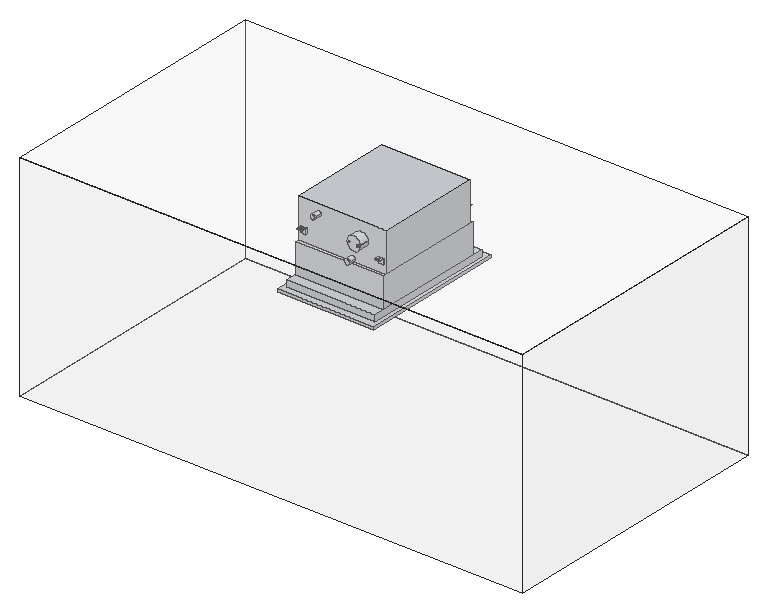
Revit family "plfy-p22_140lmg7_50Hz_pac-kw85_86_87tb", category 機械設備, Revit 2019
Family settings
  丸型コネクタ寸法 = 直径を使用
  パーツ タイプ = 標準
  OmniClass 番号 = 23.75.10.24.21.27.27
  OmniClass タイトル = Split System Air Conditioning Units
  作業面ベース = いいえ
  常に垂直 = はい
  ロード時にボイドで切り取り = いいえ
  共有 = いいえ
  部屋計算ポイント = はい
Parameters (values of type "PLFY-P22LMG7")
  風量（弱）（m3／min） = 6.5
  風量（中2）（m3／min） = 7.5
  風量（中1）（m3／min） = 8.5
  風量（m3／min） = 9.5
  風量 = MAX風量  # 570.0 m³/h
  音響パワーレベル（弱）(dB) = 49
  音響パワーレベル（中2）(dB) = 51
  音響パワーレベル（中1）(dB) = 52
  音響パワーレベル(dB) = 53
  電源種別 = ""
  電源_H = 0 mm
  電圧_電気ヒーター = 0 V
  電圧 = 200 V
  電動機出力_送風機 = 0.05 kW
  運転質量 = 0.00 kg
  連動 = ""
  質量 = if(製品質量 > 運転質量, 製品質量, 運転質量) * 1.2  # 24.00 kg
  負荷分類 = 3_ファン類
  説明 = "ビル用マルチエアコン 天井カセット形(2方向吹出)室内機"
  設計暖房能力 = 0.00 kW
  設計冷房能力_顕熱 = 0 kW
  設計冷房能力 = 0 kW
  設置方法 = "カセット形"
  記号 = ""
  製造元 = "三菱電機株式会社"
  製品質量 = 20.00 kg
  製品出荷対象 = "国内"
  製品リリース年月 = "2020/7/22"
  製品グループ = ""
  系統 = ""
  符号 = "ACP_CK2"
  積算_科目 = "1 空気調和設備"
  積算_拾い区分 [instance] = ""
  相_電気ヒーター = 1
  相 = 1
  盤記号 = ""
  発停方法 = "付属スイッチ"
  特殊仕様 = ""
  火災停止 = ""
  消費電力_電気ヒーター = 0.00 kW
  消費電力_暖房 = 0.03 kW
  消費電力_加湿器 = 0.00 kW
  消費電力_冷房 = 0.03 kW
  消費電力 = if(消費電力_冷房 > 消費電力_暖房, 消費電力_冷房, 消費電力_暖房) + 消費電力_加湿器 + 消費電力_電気ヒーター  # 0.03 kW
  法定耐用年数 = "15"
  機外静圧 = 0.0 Pa
  極数 = 3
  材質 = ""
  本体マテリアル = none
  有効加湿量 = 0
  暖房能力 = 2.50 kW
  推奨ブレーカー容量 = 15 A
  形式_加湿器 = ""
  形式 = "カセット形（2方向吹出形）"
  幹線記号 = ""
  始動方式 = ""
  呼称 = "室内機_カセット形(2方向吹出形)"
  周波数 = 50 Hz
  吊り位置Y = 824 mm
  吊り位置X = 574 mm
  吊りボルト_H = 365 mm
  台数_手元リモコン = ""
  台数_冷媒分岐ユニット = ""
  参照している仕様書等のバージョン = "公共建築工事標準仕様書（機械設備工事編）平成31年度版"
  加湿給水管径 = 0 mm
  分類コード = "50053003221020"
  分類グループ = ""
  冷房能力 = 2.2 kW
  冷媒高低圧ガス管径 = 0 mm
  冷媒管径符号 = "Ac"
  冷媒管径 = 100 mm
  冷媒液管高さ = 433 mm
  冷媒液管長さ = 67 mm
  冷媒液管径 = 6.35 mm
  冷媒ガス管高さ = 433 mm
  冷媒ガス管長さ = 78 mm
  冷媒ガス管径 = 12.7 mm
  企業コード = ""
  付属品_フィルター = ""
  付属品 = ""
  仕様書バージョン = "Version1.0"
  モデル = "PLFY-P22LMG7"
  パネルマテリアル = none
  ドレン管高さ = 495 mm
  ドレン管径 = 32 mm
  サービススペース = yes
  コメント [instance] = ""
  ケーブル種類 = ""
  ケーブルサイズ = 1.6 mm
  Width = 650 mm
  Version = ""
  Uniclass2015Version = "Systems v1.9"
  Uniclass2015Title = "Split coil remote air cooled condensing units"
  Uniclass2015Code = "Pr_70_65_03_84"
  URL = "https://www.mitsubishielectric.co.jp/ldg/wink/ssl/displayProduct.do?pid=307542"
  SpecificationReference = ""
  SpecificationDescription = ""
  S_H = 562 mm
  Revision = ""
  ProductInformation = ""
  OmniClassCode = "23-751024212727"
  MIN風量 = 風量（弱）（m3／min） * 60.0 m³/h  # 390.0 m³/h
  MID風量2 = 風量（中2）（m3／min） * 60.0 m³/h  # 450.0 m³/h
  MID風量 = 風量（中1）（m3／min） * 60.0 m³/h  # 510.0 m³/h
  MAX風量 = 風量（m3／min） * 60.0 m³/h  # 570.0 m³/h
  IfcTypeProduct = ""
  IfcProduct = ""
  IfcExportType = "AIRCONDITIONINGUNIT"
  IfcExportAs = "IfcUnitaryEquipmentType"
  Height = 290 mm
  Depth = 770 mm
  Clearance Top = 555 mm
  Clearance Right = 1500 mm
  Clearance Left = 1500 mm
  Clearance Front = 500 mm
  Clearance Bottom = 1000 mm
  Clearance Back = 500 mm
  Author = "三菱電機株式会社"
Types (11, lengths in mm): name | 風量（弱）（m3／min） | 風量（中2）（m3／min） | 風量（中1）（m3／min） | 風量（m3／min） | 風量 | 音響パワーレベル（弱）(dB) | 音響パワーレベル（中2）(dB) | 音響パワーレベル（中1）(dB) | 音響パワーレベル(dB) | 電動機出力_送風機 | 質量 | 製品質量 | 消費電力_暖房 | 消費電力_冷房 | 消費電力 | 暖房能力 | 吊り位置Y | 冷房能力 | 冷媒管径符号 | 冷媒液管長さ | 冷媒液管径 | 冷媒ガス管長さ | 冷媒ガス管径 | モデル | URL | S_H | MIN風量 | MID風量2 | MID風量 | MAX風量 | Height | Depth | Clearance Top
  (no name) | 6.5 | 7.5 | 8.5 | 9.5 | 570.0 m³/h | 49 | 51 | 52 | 53 | 0.05 kW | 24.00 kg | 20.00 kg | 0.03 kW | 0.03 kW | 0.03 kW | 2.50 kW | 824 | 2.2 kW | "Ac" | 67 | 6.35 | 78 | 12.7 | "PLFY-P22LMG7" | "https://www.mitsubishielectric.co.jp/ldg/wink/ssl/displayProduct.do?pid=307542" | 562 | 390.0 m³/h | 450.0 m³/h | 510.0 m³/h | 570.0 m³/h | 290 | 770 | 555
  PLFY-P22LMG7 | 6.5 | 7.5 | 8.5 | 9.5 | 570.0 m³/h | 49 | 51 | 52 | 53 | 0.05 kW | 24.00 kg | 20.00 kg | 0.03 kW | 0.03 kW | 0.03 kW | 2.50 kW | 824 | 2.2 kW | "Ac" | 67 | 6.35 | 78 | 12.7 | "PLFY-P22LMG7" | "https://www.mitsubishielectric.co.jp/ldg/wink/ssl/displayProduct.do?pid=307542" | 562 | 390.0 m³/h | 450.0 m³/h | 510.0 m³/h | 570.0 m³/h | 290 | 770 | 555
  PLFY-P28LMG7 | 6.5 | 7.5 | 8.5 | 9.5 | 570.0 m³/h | 49 | 51 | 52 | 53 | 0.05 kW | 24.00 kg | 20.00 kg | 0.03 kW | 0.03 kW | 0.03 kW | 3.20 kW | 824 | 2.8 kW | "Ac" | 67 | 6.35 | 78 | 12.7 | "PLFY-P28LMG7" | "https://www.mitsubishielectric.co.jp/ldg/wink/ssl/displayProduct.do?pid=307511" | 562 | 390.0 m³/h | 450.0 m³/h | 510.0 m³/h | 570.0 m³/h | 290 | 770 | 555
  PLFY-P36LMG7 | 6.5 | 8 | 9 | 10 | 600.0 m³/h | 50 | 51 | 52 | 53 | 0.05 kW | 25.20 kg | 21.00 kg | 0.03 kW | 0.03 kW | 0.03 kW | 4.00 kW | 824 | 3.6 kW | "Ac" | 67 | 6.35 | 78 | 12.7 | "PLFY-P36LMG7" | "https://www.mitsubishielectric.co.jp/ldg/wink/ssl/displayProduct.do?pid=307543" | 562 | 390.0 m³/h | 480.0 m³/h | 540.0 m³/h | 600.0 m³/h | 290 | 770 | 555
  PLFY-P45LMG7 | 7 | 8.5 | 9.5 | 10.5 | 630.0 m³/h | 51 | 54 | 55 | 56 | 0.05 kW | 25.20 kg | 21.00 kg | 0.04 kW | 0.04 kW | 0.04 kW | 5.00 kW | 824 | 4.5 kW | "Ac" | 67 | 6.4 | 78 | 12.7 | "PLFY-P45LMG7" | "https://www.mitsubishielectric.co.jp/ldg/wink/ssl/displayProduct.do?pid=307544" | 562 | 420.0 m³/h | 510.0 m³/h | 570.0 m³/h | 630.0 m³/h | 290 | 770 | 555
  PLFY-P56LMG7 | 9 | 11 | 12 | 13 | 780.0 m³/h | 53 | 55 | 56 | 57 | 0.05 kW | 28.80 kg | 24.00 kg | 0.05 kW | 0.05 kW | 0.05 kW | 6.30 kW | 994 | 5.6 kW | "Ac" | 67 | 6.4 | 78 | 12.7 | "PLFY-P56LMG7" | "https://www.mitsubishielectric.co.jp/ldg/wink/ssl/displayProduct.do?pid=307512" | 562 | 540.0 m³/h | 660.0 m³/h | 720.0 m³/h | 780.0 m³/h | 290 | 940 | 555
  PLFY-P71LMG7 | 10.5 | 12.5 | 15 | 16.5 | 990.0 m³/h | 55 | 58 | 59 | 60 | 0.05 kW | 31.20 kg | 26.00 kg | 0.07 kW | 0.07 kW | 0.07 kW | 8.00 kW | 994 | 7.1 kW | "Bd" | 67 | 9.5 | 78 | 15.9 | "PLFY-P71LMG7" | "https://www.mitsubishielectric.co.jp/ldg/wink/ssl/displayProduct.do?pid=307545" | 562 | 630.0 m³/h | 750.0 m³/h | 900.0 m³/h | 990.0 m³/h | 290 | 940 | 555
  PLFY-P80LMG7 | 13.5 | 15 | 16.5 | 19 | 1140.0 m³/h | 56 | 58 | 59 | 60 | 0.10 kW | 49.20 kg | 41.00 kg | 0.06 kW | 0.06 kW | 0.06 kW | 9.00 kW | 1494 | 8 kW | "Bd" | 71 | 9.5 | 83 | 15.9 | "PLFY-P80LMG7" | "https://www.mitsubishielectric.co.jp/ldg/wink/ssl/displayProduct.do?pid=307546" | 603 | 810.0 m³/h | 900.0 m³/h | 990.0 m³/h | 1140.0 m³/h | 331 | 1440 | 596
  PLFY-P90LMG7 | 15.5 | 18 | 20 | 22.5 | 1350.0 m³/h | 57 | 59 | 60 | 61 | 0.10 kW | 49.20 kg | 41.00 kg | 0.08 kW | 0.08 kW | 0.08 kW | 10.00 kW | 1494 | 9 kW | "Bd" | 71 | 9.5 | 83 | 15.9 | "PLFY-P90LMG7" | "https://www.mitsubishielectric.co.jp/ldg/wink/ssl/displayProduct.do?pid=307513" | 603 | 930.0 m³/h | 1080.0 m³/h | 1200.0 m³/h | 1350.0 m³/h | 331 | 1440 | 596
  PLFY-P112LMG7 | 18 | 20 | 23.5 | 26 | 1560.0 m³/h | 59 | 61 | 62 | 63 | 0.10 kW | 54.00 kg | 45.00 kg | 0.10 kW | 0.10 kW | 0.10 kW | 12.50 kW | 1494 | 11.2 kW | "Bd" | 71 | 9.5 | 83 | 15.9 | "PLFY-P112LMG7" | "https://www.mitsubishielectric.co.jp/ldg/wink/ssl/displayProduct.do?pid=307547" | 603 | 1080.0 m³/h | 1200.0 m³/h | 1410.0 m³/h | 1560.0 m³/h | 331 | 1440 | 596
  PLFY-P140LMG7 | 23 | 26.5 | 28.5 | 31.5 | 1890.0 m³/h | 63 | 64 | 67 | 69 | 0.24 kW | 56.40 kg | 47.00 kg | 0.20 kW | 0.20 kW | 0.20 kW | 16.00 kW | 1494 | 14 kW | "Bd" | 71 | 9.5 | 83 | 15.9 | "PLFY-P140LMG7" | "https://www.mitsubishielectric.co.jp/ldg/wink/ssl/displayProduct.do?pid=307548" | 603 | 1380.0 m³/h | 1590.0 m³/h | 1710.0 m³/h | 1890.0 m³/h | 331 | 1440 | 596
Reference planes
  plane 1 "中心(正面/背面)": y = 0
  plane 2: z = 0
  plane 3 "中心(左/右)": x = 0
  plane 4: x = -355
  plane 5: x = 355
  plane 6: y = 540
  plane 7: y = -540
  plane 8: z = 555
  plane 9: z = 562
  plane 10: x = -287
  plane 11: x = 287
  plane 12: y = 412
  plane 13: y = -412
  plane 14: z = 265
  plane 15: y = 385
  plane 16: y = -385
  plane 17: x = -325
  plane 18: x = 325
  plane 19: x = -1855
  plane 20: x = 1855
  plane 21: y = 1040
  plane 22: y = -1040
  plane 23: z = 555
  plane 24: z = -20
  plane 25: z = -1020
Dimensions and locks
  equal spacing: plane 4, plane 3 "中心(左/右)", plane 5
  plane 4 to plane 5 = 710 mm
  equal spacing: plane 7, plane 1 "中心(正面/背面)", plane 6
  plane 7 to plane 6 = 1080 mm
  locked: plane 12 to plane 6 at 128
  plane 7 to plane 13 = 128 mm
  plane 4 to plane 10 = 68 mm
  plane 11 to plane 5 = 68 mm
  "S_H": plane 9 to level
  "吊り位置X": plane 10 to plane 11
  equal spacing: plane 10, plane 3 "中心(左/右)", plane 11
  equal spacing: plane 13, plane 1 "中心(正面/背面)", plane 12
  "吊り位置Y": plane 13 to plane 12
  equal spacing: plane 16, plane 1 "中心(正面/背面)", plane 15
  "Depth": plane 16 to plane 15
  equal spacing: plane 17, plane 3 "中心(左/右)", plane 18
  "Width": plane 17 to plane 18
  locked: plane 14 to level at 265
  "Height": plane 8 to plane 14
  "Clearance Left": plane 19 to plane 4
  "Clearance Right": plane 5 to plane 20
  "Clearance Back": plane 6 to plane 21
  "Clearance Front": plane 22 to plane 7
  locked: level to plane 24 at 20
  "Clearance Bottom": plane 24 to plane 25
  "Clearance Top": plane 23 to level
  aligned and locked: level to plane 2
  aligned and locked: plane 10 to nested 2
  aligned and locked: plane 11 to nested 2
  aligned and locked: nested 2 to plane 12
  aligned and locked: plane 13 to nested 2
  aligned and locked: plane 1 "中心(正面/背面)" to nested 3
  aligned and locked: nested 3 to plane 3 "中心(左/右)"
  aligned and locked: plane 19 to nested 1
  aligned and locked: plane 20 to nested 1
  aligned and locked: nested 1 to plane 22
  aligned and locked: nested 1 to plane 21
  aligned and locked: plane 23 to nested 1
  aligned and locked: plane 25 to nested 1
Nested families
  nested 1: "サービススペース" at (0, 0, -232.5), visible <- "サービススペース", type "サービススペース"
    with Width 3710 mm, Height 1575 mm, Depth 2080 mm
  nested 2: "固定点" at (-287, -412, 0), type "固定点"
    with W 574 mm, D 824 mm
  nested 3: "PLFY-P○○○LMG7" at (0, 0, 0) x (0, -1, 0) z (0, 0, 1), type "PLFY-P○○○LMG7"
    with ユニット表示 yes, 冷媒液管径-Z 433 mm
Connectors
  piping at (138, -452, 433), diameter 100, driven by "冷媒管径", driven by "冷媒管径符号"
    settings: on nested 3, index 1, connector inside diameter 609.6 mm, connector length 0 mm, flow factor 0, pipe flow 0.0 L/s, pressure drop 0.0 Pa, fitting loss kfactor 0, connector angle 0.00°, fixture units 0, engagement length 0 mm, angle of deflection 0.00°, flow configuration 0, flow direction 1, fitting loss method 4, system type 7, joint type 0, gender type 0, connector reference index -1, connector utility 0, adjustable connector no, is connector primary yes, connector description "Ac"
  piping at (-175, -442, 495), diameter 32, driven by "ドレン管径"
    settings: on nested 3, index 2, connector inside diameter 609.6 mm, connector length 0 mm, flow factor 0, pipe flow 0.0 L/s, pressure drop 0.0 Pa, fitting loss kfactor 0, connector angle 0.00°, fixture units 0, engagement length 0 mm, angle of deflection 0.00°, flow configuration 0, flow direction 2, fitting loss method 4, system type 16, joint type 0, gender type 0, connector reference index -1, connector utility 0, adjustable connector no, is connector primary no, connector description ""
  electrical at (75, -435, 283), driven by "極数", driven by "負荷分類", driven by "電圧", driven by "消費電力"
    settings: on nested 3, index 3, voltage 200 V, apparent load 30 VA, apparent load phase1 0 VA, apparent load phase2 0 VA, apparent load phase3 0 VA, power factor 1, load classification "3_ファン類", number of poles 3, system type 30, power factor state 1, is connector primary yes, connector utility no, sub classification motor no, connector description ""
Definition of nested family "サービススペース"
  Parameters (values of type "サービススペース")
    Width [instance] = 500 mm
    Height [instance] = 500 mm
    Depth [instance] = 500 mm
  Reference planes
    plane 1 "中心(正面/背面)": y = 0
    plane 2: z = 0
    plane 3 "中心(左/右)": x = 0
    plane 4: y = -250
    plane 5: x = 250
    plane 6: y = 250
    plane 7: x = -250
    plane 8: z = 250
    plane 9: z = -250
  Forms (mm)
    Extrusion 1, solid
      sketch origin (-638.939, 0, 72.39) x (1, 0, 0) y (0, 1, 0)
        loop
          line (388.939, 250) -> (388.939, -250) -> (888.939, -250) -> (888.939, 250) -> (388.939, 250)
      from -322.39 to 177.61
  Lines and regions (mm)
    symbolic lines
      curve 1: line (-250, 0, 250) -> (250, 0, 250)
      curve 2: line (-250, 0, -250) -> (-250, 0, 250)
      curve 3: line (250, 0, -250) -> (-250, 0, -250)
      curve 4: line (250, 0, 250) -> (250, 0, -250)
      curve 5: line (0, -250, 250) -> (0, 250, 250)
      curve 6: line (0, -250, -250) -> (0, -250, 250)
      curve 7: line (0, 250, -250) -> (0, -250, -250)
      curve 8: line (0, 250, 250) -> (0, 250, -250)
      curve 9: line (-250, 250, 0) -> (250, 250, 0)
      curve 10: line (-250, -250, 0) -> (-250, 250, 0)
      curve 11: line (250, -250, 0) -> (-250, -250, 0)
      curve 12: line (250, 250, 0) -> (250, -250, 0)
  Dimensions and locks
    equal spacing: plane 7, plane 3 "中心(左/右)", plane 5
    equal spacing: plane 4, plane 1 "中心(正面/背面)", plane 6
    "Depth": plane 4 to plane 6
    "Width": plane 7 to plane 5
    equal spacing: plane 8, plane 2, plane 9
    "Height": plane 8 to plane 9
    aligned and locked: plane 9 to curve 3
    aligned and locked: plane 7 to curve 2
    aligned and locked: curve 4 to plane 5
    aligned and locked: plane 5 to Extrusion 1
    aligned and locked: Extrusion 1 to plane 7
    aligned and locked: Extrusion 1 to plane 9
    aligned and locked: plane 8 to Extrusion 1
    aligned and locked: plane 9 to curve 7
  Automatic sketch dimensions
    plane 4 to Extrusion 1 sketch curve = 0 mm
    Extrusion 1 sketch curve to plane 7 = 0 mm
    Extrusion 1 sketch curve to plane 5 = 0 mm
    plane 6 to Extrusion 1 sketch curve = 0 mm
    curve 2 to plane 8 = 0 mm
    plane 4 to curve 11 = 0 mm
    curve 11 to plane 7 = 0 mm
    curve 11 to plane 5 = 0 mm
    plane 6 to curve 10 = 0 mm
    curve 7 to plane 4 = 0 mm
    curve 7 to plane 6 = 0 mm
    curve 6 to plane 8 = 0 mm
Definition of nested family "PLFY-P○○○LMG7"
  Parameters (values of type "PLFY-P○○○LMG7")
    配線取出口サイズ = 36 mm
    配線取出口-Z = 283 mm
    配線取出口-Y = 250 mm
    配線取出口-X = 50 mm
    液配管サイズ = 6.35 mm
    A = 幅さ + 310 mm  # 1080 mm
    高さ = 290 mm
    奥行き = 650 mm
    吊りボルト_H = 365 mm
    冷媒配管 = 100 mm
    冷媒液管径-Z = 235 mm
    冷媒液管径-Y = 222 mm
    冷媒液管径-X = 67 mm
    冷媒ガス管径-Z = 433 mm
    冷媒ガス管径-Y = 152 mm
    冷媒ガス管径-X = 78 mm
    ユニット表示 [instance] = yes
    ボルトピッチ = 574 mm
    ドレン配管サイズ = 32 mm
    ドレン管径-Z = 495 mm
    ドレン管径-Y = 500 mm
    ドレン管径-X = 57 mm
    ガス配管サイズ = 12.7 mm
    D = 幅さ + 54 mm  # 824 mm
    幅さ = 770 mm
    B = 幅さ + 270 mm  # 1040 mm
  Reference planes
    plane 1 "中心(正面/背面)": y = 0
    plane 2: z = 0
    plane 3 "中心(左/右)": x = 0
    plane 4: x = -540
    plane 5: x = 540
    plane 6: y = 355
    plane 7: y = -355
    plane 8: z = 555
    plane 9: z = -20
    plane 10: x = -385
    plane 11: x = 385
    plane 12: y = 325
    plane 13: y = -325
    plane 14: z = 45
    plane 15: x = -520
    plane 16: x = 520
    plane 17: x = 412
    plane 18: x = -412
    plane 19: z = 265
    plane 20: x = 490
    plane 21: x = -490
    plane 22: y = 287
    plane 23: y = -287
    plane 24: x = 463
    plane 25: y = 173
    plane 26: z = 433
    plane 27: x = 452
    plane 28: y = 103
    plane 29: x = 442
    plane 30: y = -175
    plane 31: z = 495
    plane 32: z = 364
    plane 33: y = 50
    plane 34: x = 435
    plane 35: y = 75
    plane 36: z = 283
    plane 37: z = 365
    plane 38: z = 363
    plane 39: z = 323
    plane 40: y = 307
    plane 41: y = 267
    plane 42: y = -267
    plane 43: y = -307
    plane 44: y = 292
    plane 45: y = 282
    plane 46: y = -282
    plane 47: y = -292
    plane 48: x = -425
    plane 49: x = 425
    plane 50: x = -387
    plane 51: x = 387
  Forms (mm)
    Extrusion 1, solid, visible <- "ユニット表示", detail levels fine
      sketch origin (0, 0, 0) x (1, 0, 0) y (0, 1, 0)
        loop
          line (-385, 325) -> (-385, -325) -> (385, -325) -> (385, 325) -> (-385, 325)
      from 265 to 555
    Extrusion 2, solid, visible <- "ユニット表示", detail levels fine
      sketch origin (-1437.329, -1524, 45) x (-1, 0, 0) y (0, -1, 0)
        loop
          line (-1025.329, -1849) -> (-1025.329, -1199) -> (-1849.329, -1199) -> (-1849.329, -1849) -> (-1025.329, -1849)
      from 0 to 220
    Extrusion 3, solid, visible <- "ユニット表示", detail levels fine
      sketch origin (-1437.329, -1524, 45) x (-1, 0, 0) y (0, -1, 0)
        loop
          line (-947.329, -1849) -> (-947.329, -1199) -> (-1927.329, -1199) -> (-1927.329, -1849) -> (-947.329, -1849)
      from 0 to -45
    Extrusion 4, solid, visible <- "ユニット表示", detail levels fine
      sketch origin (385, 1296.25, 1200) x (0, 1, 0) y (0, 0, 1)
        loop
          circle (-1123.25, -767) r 6.35
      from 0 to 78
    Extrusion 5, solid, visible <- "ユニット表示", detail levels fine
      sketch origin (385, 1296.25, 1200) x (0, 1, 0) y (0, 0, 1)
        loop
          circle (-1193.25, -767) r 3.175
      from 0 to 67
    Extrusion 6, solid, visible <- "ユニット表示", detail levels fine
      sketch origin (385, 1296.25, 1200) x (0, 1, 0) y (0, 0, 1)
        loop
          circle (-1471.25, -705) r 16
      from 0 to 57
    Extrusion 7, solid, visible <- "ユニット表示", detail levels fine
      sketch origin (385, 1296.25, 1200) x (0, 1, 0) y (0, 0, 1)
        loop
          circle (-1221.25, -917) r 18
      from 0 to 50
    Extrusion 8, solid, visible <- "ユニット表示", detail levels fine
      sketch origin (385, 1296.25, 1200) x (0, 1, 0) y (0, 0, 1)
        loop
          circle (-1158.25, -767) r 50
      from 0 to 67
    Extrusion 9, solid, visible <- "ユニット表示"
      sketch origin (0, 0, 0) x (1, 0, 0) y (0, 1, 0)
        loop
          line (-540, 355) -> (-540, -355) -> (540, -355) -> (540, 355) -> (-540, 355)
      from 0 to -20
    Extrusion 10, solid, visible <- "ユニット表示", detail levels fine
      sketch origin (0, 0, 0) x (1, 0, 0) y (0, 1, 0)
        loop
          line (-407, 292) -> (-407, 282)
          arc (-407, 282) -> (-412, 277) -> (-417, 282) r 5
          line (-417, 282) -> (-425, 282) -> (-425, 267) -> (-385, 267) -> (-385, 307) -> (-425, 307) -> (-425, 292) -> (-417, 292)
          arc (-417, 292) -> (-412, 297) -> (-407, 292) r 5
        loop
          arc (407, 292) -> (412, 297) -> (417, 292) r 5
          line (417, 292) -> (425, 292) -> (425, 307) -> (385, 307) -> (385, 267) -> (425, 267) -> (425, 282) -> (417, 282)
          arc (417, 282) -> (412, 277) -> (407, 282) r 5
          line (407, 282) -> (407, 292)
        loop
          line (407, -292) -> (407, -282)
          arc (407, -282) -> (412, -277) -> (417, -282) r 5
          line (417, -282) -> (425, -282) -> (425, -267) -> (385, -267) -> (385, -307) -> (425, -307) -> (425, -292) -> (417, -292)
          arc (417, -292) -> (412, -297) -> (407, -292) r 5
        loop
          arc (-407, -292) -> (-412, -297) -> (-417, -292) r 5
          line (-417, -292) -> (-425, -292) -> (-425, -307) -> (-385, -307) -> (-385, -267) -> (-425, -267) -> (-425, -282) -> (-417, -282)
          arc (-417, -282) -> (-412, -277) -> (-407, -282) r 5
          line (-407, -282) -> (-407, -292)
      from 363 to 365
    Extrusion 11, solid, visible <- "ユニット表示", detail levels fine
      sketch origin (0, 0, 0) x (1, 0, 0) y (0, 1, 0)
        loop
          line (-387, 307) -> (-387, 267) -> (-385, 267) -> (-385, 307) -> (-387, 307)
        loop
          line (385, 307) -> (385, 267) -> (387, 267) -> (387, 307) -> (385, 307)
        loop
          line (385, -267) -> (385, -307) -> (387, -307) -> (387, -267) -> (385, -267)
        loop
          line (-387, -267) -> (-387, -307) -> (-385, -307) -> (-385, -267) -> (-387, -267)
      from 323 to 363
  Dimensions and locks
    equal spacing: plane 7, plane 1 "中心(正面/背面)", plane 6
    plane 7 to plane 6 = 710 mm
    equal spacing: plane 4, plane 3 "中心(左/右)", plane 5
    "A": plane 4 to plane 5
    locked: level to plane 9 at 20
    equal spacing: plane 13, plane 1 "中心(正面/背面)", plane 12
    "奥行き": plane 13 to plane 12
    equal spacing: plane 10, plane 3 "中心(左/右)", plane 11
    "幅さ": plane 10 to plane 11
    locked: plane 14 to level at 45
    equal spacing: plane 15, plane 3 "中心(左/右)", plane 16
    "B": plane 15 to plane 16
    equal spacing: plane 18, plane 3 "中心(左/右)", plane 17
    "D": plane 18 to plane 17
    locked: plane 19 to plane 14 at 220
    locked: plane 15 to plane 21 at 30
    locked: plane 20 to plane 16 at 30
    equal spacing: plane 23, plane 1 "中心(正面/背面)", plane 22
    "ボルトピッチ": plane 23 to plane 22
    "冷媒ガス管径-X": plane 11 to plane 24
    "冷媒ガス管径-Y": plane 25 to plane 12
    "冷媒液管径-X": plane 11 to plane 27
    "冷媒液管径-Y": plane 28 to plane 12
    "ドレン管径-X": plane 11 to plane 29
    "ドレン管径-Y": plane 30 to plane 12
    plane 8 to plane 32 = 191 mm
    "配線取出口-X": plane 11 to plane 34
    "配線取出口-Y": plane 35 to plane 12
    "配線取出口-Z": plane 36 to level
    "ドレン管径-Z": plane 31 to level
    "冷媒ガス管径-Z": plane 26 to level
    locked: plane 38 to plane 39 at 40
    locked: plane 37 to plane 38 at 2
    "吊りボルト_H": plane 37 to level
    plane 43 to plane 23 to plane 42 = 20 mm locked, 20 mm locked
    plane 41 to plane 22 to plane 40 = 20 mm locked, 20 mm locked
    plane 47 to plane 23 to plane 46 = 5 mm locked, 5 mm locked
    plane 45 to plane 22 to plane 44 = 5 mm locked, 5 mm locked
    locked: plane 48 to plane 10 at 40
    locked: plane 11 to plane 49 at 40
    locked: plane 11 to plane 51 at 2
    locked: plane 50 to plane 10 at 2
    "高さ": plane 8 to plane 19
    "ガス配管サイズ": diameter of Extrusion 4 sketch curve
    "液配管サイズ": diameter of Extrusion 5 sketch curve
    "ドレン配管サイズ": diameter of Extrusion 6 sketch curve
    "配線取出口サイズ": diameter of Extrusion 7 sketch curve
    "冷媒配管": diameter of Extrusion 8 sketch curve
    aligned and locked: level to plane 2
    aligned and locked: plane 12 to Extrusion 1 sketch curve
    aligned and locked: plane 10 to Extrusion 1 sketch curve
    aligned and locked: Extrusion 1 sketch curve to plane 13
    aligned and locked: Extrusion 1 sketch curve to plane 11
    aligned and locked: plane 8 to Extrusion 1
    aligned and locked: plane 12 to Extrusion 2 sketch curve
    aligned and locked: plane 18 to Extrusion 2 sketch curve
    aligned and locked: Extrusion 2 sketch curve to plane 13
    aligned and locked: Extrusion 2 sketch curve to plane 17
    aligned and locked: plane 19 to Extrusion 2
    aligned and locked: Extrusion 1 to Extrusion 2
    aligned and locked: plane 12 to Extrusion 3 sketch curve
    aligned and locked: plane 21 to Extrusion 3 sketch curve
    aligned and locked: Extrusion 3 sketch curve to plane 13
    aligned and locked: Extrusion 3 sketch curve to plane 20
    aligned and locked: Extrusion 3 to level
    aligned and locked: plane 14 to Extrusion 3
    aligned and locked: plane 26 to Extrusion 4 sketch curve
    aligned and locked: plane 25 to Extrusion 4 sketch curve
    aligned and locked: Extrusion 4 to plane 11
    aligned and locked: plane 24 to Extrusion 4
    aligned and locked: plane 26 to Extrusion 5 sketch curve
    aligned and locked: plane 28 to Extrusion 5 sketch curve
    aligned and locked: plane 27 to Extrusion 5
    aligned and locked: Extrusion 5 to plane 11
    aligned and locked: plane 31 to Extrusion 6 sketch curve
    aligned and locked: plane 30 to Extrusion 6 sketch curve
    aligned and locked: Extrusion 6 to plane 11
    aligned and locked: plane 29 to Extrusion 6
    aligned and locked: plane 36 to Extrusion 7 sketch curve
    aligned and locked: plane 35 to Extrusion 7 sketch curve
    aligned and locked: Extrusion 7 to plane 11
    aligned and locked: plane 34 to Extrusion 7
    aligned and locked: plane 26 to Extrusion 8 sketch curve
    aligned and locked: Extrusion 8 to plane 11
    aligned and locked: plane 27 to Extrusion 8
    aligned and locked: level to Extrusion 9
    aligned and locked: Extrusion 9 to plane 9
    aligned and locked: Extrusion 10 sketch curve to plane 10
    aligned and locked: plane 37 to Extrusion 10
    aligned and locked: Extrusion 10 to plane 38
    aligned and locked: plane 40 to Extrusion 10 sketch curve
    aligned and locked: plane 48 to Extrusion 10 sketch curve  (x2)
    aligned and locked: Extrusion 10 sketch curve to plane 41
    aligned and locked: Extrusion 10 sketch curve to plane 45
    aligned and locked: Extrusion 10 sketch curve to plane 44
    aligned and locked: plane 44 to Extrusion 10 sketch curve  (x3)
    aligned and locked: plane 45 to Extrusion 10 sketch curve  (x3)
    aligned and locked: plane 18 to Extrusion 10 sketch curve  (x4)
    aligned and locked: plane 10 to Extrusion 10 sketch curve
    aligned and locked: Extrusion 10 sketch curve to plane 42
    aligned and locked: plane 43 to Extrusion 10 sketch curve
    aligned and locked: plane 47 to Extrusion 10 sketch curve  (x3)
    aligned and locked: plane 46 to Extrusion 10 sketch curve  (x3)
    aligned and locked: Extrusion 10 sketch curve to plane 46
    aligned and locked: Extrusion 10 sketch curve to plane 47
    aligned and locked: Extrusion 10 sketch curve to plane 48  (x2)
    aligned and locked: plane 11 to Extrusion 10 sketch curve
    aligned and locked: Extrusion 10 sketch curve to plane 49  (x2)
    aligned and locked: plane 17 to Extrusion 10 sketch curve  (x4)
    aligned and locked: Extrusion 10 sketch curve to plane 43
    aligned and locked: plane 42 to Extrusion 10 sketch curve
    aligned and locked: plane 49 to Extrusion 10 sketch curve  (x2)
    aligned and locked: plane 41 to Extrusion 10 sketch curve
    aligned and locked: Extrusion 10 sketch curve to plane 11
    aligned and locked: Extrusion 10 sketch curve to plane 40
    aligned and locked: plane 40 to Extrusion 11 sketch curve
    aligned and locked: plane 50 to Extrusion 11 sketch curve  (x2)
    aligned and locked: Extrusion 11 sketch curve to Extrusion 10  (x8)
    aligned and locked: Extrusion 11 sketch curve to plane 41
    aligned and locked: Extrusion 11 sketch curve to plane 51  (x2)
    aligned and locked: Extrusion 11 sketch curve to plane 43
    aligned and locked: plane 42 to Extrusion 11 sketch curve
    aligned and locked: Extrusion 11 to Extrusion 10
    aligned and locked: Extrusion 11 to plane 39
  Automatic sketch dimensions
    Extrusion 9 sketch curve to plane 4 = 0 mm
    Extrusion 9 sketch curve to plane 5 = 0 mm
    plane 7 to Extrusion 9 sketch curve = 0 mm
    plane 6 to Extrusion 9 sketch curve = 0 mm
    Extrusion 10 sketch curve to plane 18 = 5 mm  (x2)
    Extrusion 10 sketch curve to plane 17 = 5 mm  (x2)
    plane 25 to Extrusion 8 sketch curve = 35 mm
Definition of nested family "固定点"
  Parameters (values of type "固定点")
    中心円 = 20 mm
    W [instance] = 1000 mm
    D [instance] = 1000 mm
  Reference planes
    plane 1 "中心(正面/背面)": y = 0
    plane 2: z = 0
    plane 3 "中心(左/右)": x = 0
    plane 4: x = 1000
    plane 5: y = 1000
  Lines and regions (mm)
    symbolic lines, detail levels fine
      curve 1: circle (0, 1000, 0) r 10 normal (0, 0, 1)
      curve 2: circle (0, 0, 0) r 10 normal (0, 0, 1)
      curve 3: circle (1000, 1000, 0) r 10 normal (0, 0, 1)
      curve 4: circle (1000, 0, 0) r 10 normal (0, 0, 1)
      curve 5: line (-200, 1000, 0) -> (1200, 1000, 0)
      curve 6: line (-200, 0, 0) -> (1200, 0, 0)
      curve 7: line (0, 1200, 0) -> (0, -200, 0)
      curve 8: line (1000, 1200, 0) -> (1000, -200, 0)
  Dimensions and locks
    "W": plane 3 "中心(左/右)" to plane 4
    "D": plane 1 "中心(正面/背面)" to plane 5
    "中心円": diameter of curve 1
    "中心円": diameter of curve 2
    "中心円": diameter of curve 3
    "中心円": diameter of curve 4
    aligned and locked: level to plane 2
    aligned and locked: plane 5 to curve 1
    aligned and locked: plane 3 "中心(左/右)" to curve 1
    aligned and locked: plane 3 "中心(左/右)" to curve 2
    aligned and locked: plane 1 "中心(正面/背面)" to curve 2
    aligned and locked: plane 4 to curve 3
    aligned and locked: plane 5 to curve 3
    aligned and locked: plane 1 "中心(正面/背面)" to curve 4
    aligned and locked: plane 4 to curve 4
    aligned and locked: plane 1 "中心(正面/背面)" to curve 6
    aligned and locked: curve 7 to plane 3 "中心(左/右)"
    aligned and locked: curve 8 to plane 4
  Automatic sketch dimensions
    curve 5 to plane 5 = 0 mm
    curve 6 to plane 3 "中心(左/右)" = 200 mm
    curve 5 to plane 3 "中心(左/右)" = 200 mm
    curve 4 to curve 6 = 200 mm
    curve 3 to curve 5 = 200 mm
    plane 1 "中心(正面/背面)" to curve 8 = 200 mm
    plane 1 "中心(正面/背面)" to curve 7 = 200 mm
    curve 3 to curve 8 = 200 mm
    curve 1 to curve 7 = 200 mm
